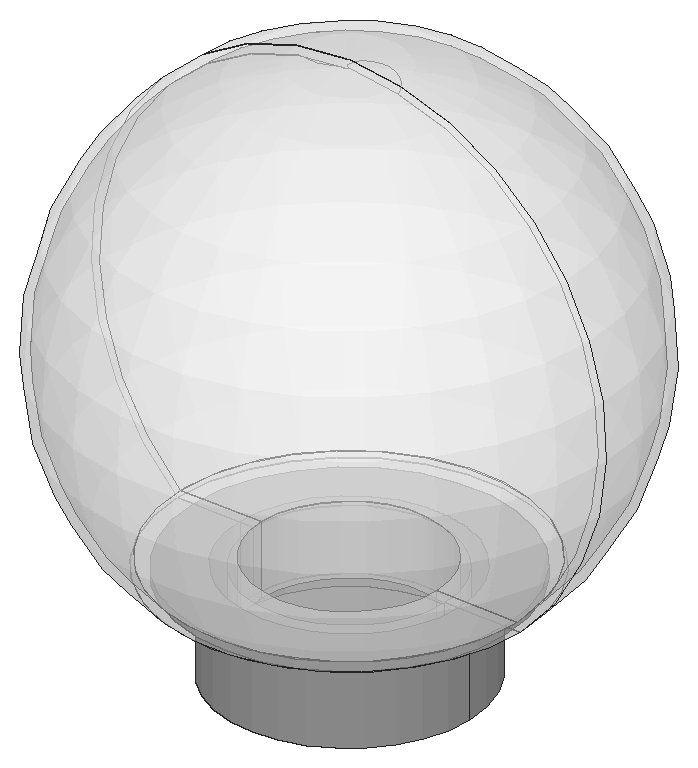
Revit family "50634_BEGA_Revit", category Lighting Fixtures, host Face, Revit 2017
Family settings
  Host = Face
  Round Connector Dimension = Use Diameter
  Part Type = Normal
  Cut with Voids When Loaded = Yes
  Light Source = Yes
  Shared = No
  Room Calculation Point = No
Parameters (values of type "Ceiling and Wall Luminaires - Unshielded")
  Wattage = 5.81654 W
  built-in parameter 1150110 = 1 (stored number, unit not read)
  URL = "www.bega-us.com"
  built-in parameter 1114217 = 1 (stored number, unit not read)
  Tilt Angle = 180.00°
  built-in parameter 1150109 = 1 (stored number, unit not read)
  built-in parameter 1150134 = 12
  Telephone = "805.684.0533"
  built-in parameter 1150113 = 1 (stored number, unit not read)
  Photometric Web File = "50634K4_BEGA_IES.ies"
  Model = "50 634"
  Manufacturer = "BEGA-US"
  built-in parameter 1150105 = 68.755 (stored number, unit not read)
  Lumens = 864 lm
  built-in parameter 1150115 = 1 (stored number, unit not read)
  built-in parameter 1150137 = (empty or 0)
  built-in parameter 1150139 = (empty or 0)
  built-in parameter 1150112 = 1 (stored number, unit not read)
  built-in parameter 1150114 = 1 (stored number, unit not read)
  Lamp = "8.4W LED"
  built-in parameter 1150132 = 2
  built-in parameter 1150102 = (empty or 0)
  built-in parameter 1150107 = 4000 (stored number, unit not read)
  built-in parameter 1150138 = (empty or 0)
  built-in parameter 1150106 = 0.68755 (stored number, unit not read)
  built-in parameter 1150104 = 13.8 (stored number, unit not read)
  Dimming Lamp Color Temperature Shift = <None>
  Description = "Ceiling and wall luminaires - Unshielded"
  Default Elevation = 6' - 0"
  Color Filter = 16777215
  built-in parameter 1114218 = 1 (stored number, unit not read)
  built-in parameter 1150133 = 10 (stored number, unit not read)
Types (4): name | Wattage | Tilt Angle | built-in parameter 1150134 | Photometric Web File | Model | built-in parameter 1150105 | Lumens | Lamp | built-in parameter 1150107 | built-in parameter 1150106 | Description
  (no name) | 5.81654 W | 180.00° | 12 | "50634K4_BEGA_IES.ies" | "50 634" | 68.755 (stored number, unit not read) | 864 lm | "8.4W LED" | 4000 (stored number, unit not read) | 0.68755 (stored number, unit not read) | "Ceiling and wall luminaires - Unshielded"
  Wall Luminaires - Directed Light | 18.4392 W | 90.00° | (empty or 0) | "generic" | "2260LED" | 217.96 (stored number, unit not read) | 2739 lm | "44.6W LED" | 3000 (stored number, unit not read) | 2.1796 (stored number, unit not read) | "Surface wall with cutoff optics"
  Wall Luminaires - Linear | 9.92985 W | 90.00° | 9 | "generic" | "4425P" | 117.38 (stored number, unit not read) | 1475 lm | "(1) 39W CF twin-4-p" | 3450 (stored number, unit not read) | 1.1738 (stored number, unit not read) | "Suface wall - linear with white acrylic diffuser"
  Ceiling and Wall Luminaires - Unshielded | 5.81654 W | 180.00° | 12 | "50634K4_BEGA_IES.ies" | "50 634" | 68.755 (stored number, unit not read) | 864 lm | "8.4W LED" | 4000 (stored number, unit not read) | 0.68755 (stored number, unit not read) | "Ceiling and wall luminaires - Unshielded"
Reference planes (in)
  plane 1 "Center (Front/Back)": y = 0
  plane 2: z = 0
  plane 3 "Center (Left/Right)": x = 0
Dimensions and locks (in)
  aligned and locked: plane 2 to host face
  aligned and locked: level to host face
Nested families (in)
  nested 1: "50634" at (-0.05081, 0, 0), type "50634"
Connectors (in)
  electrical at (0, 0, 0)
    settings: on host face, index 1, voltage 0 V, apparent load 0 VA, apparent load phase1 0 VA, apparent load phase2 0 VA, apparent load phase3 0 VA, power factor 1, load classification "Other", number of poles 1, system type 31, power factor state 1, is connector primary yes, connector utility no, sub classification motor no, connector description ""
Definition of nested family "50634"
  Reference planes (in)
    plane 1 "Center (Front/Back)": y = 0
    plane 2: z = 0
    plane 3 "Center (Left/Right)": x = 0
  Forms (in)
    Revolve 1, solid
      sketch origin (0, 0, 0) x (1, 0, 0) y (0, 0, 1)
        loop
          line (0, -1.267) -> (0, -1.517) -> (1.885, -1.517) -> (1.885, -0.125) -> (2.44, -0.125) -> (2.44, 0) -> (1.72, 0) -> (1.72, -1.267) -> (0, -1.267)
        axis (0, 0) -> (0, -1.517)
      angle from 0 to 360
    Revolve 2, solid
      sketch origin (0, 0, 0.09375) x (1, 0, 0) y (0, 0, 1)
        loop
          line (1.495, -0.10379) -> (2.68234, -0.10379)
          arc (2.68234, -0.10379) -> (3.76714, 4.35726) -> (0.00108, 6.983) r 4.064
          line (0.00108, 6.983) -> (0.00108, 6.85799)
          arc (0.00108, 6.85799) -> (3.64194, 4.33475) -> (2.634, 0.02121) r 3.939
          line (2.634, 0.02121) -> (1.37, 0.02121) -> (1.37, -1.05679) -> (1.495, -1.05679) -> (1.495, -0.10379)
        axis (0, 6.983) -> (0, -1.05679)
      angle from 0 to 360
  Dimensions and locks (in)
    aligned and locked: plane 2 to level
